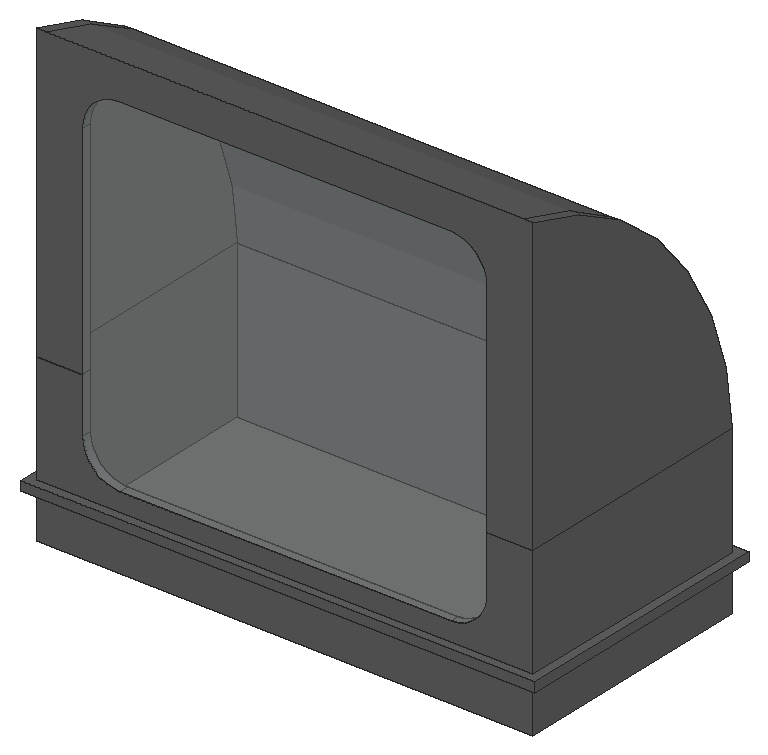
Revit family "Traverse", category Lighting Fixtures, host Face, Revit 2021
Family settings
  Host = Face
  Round Connector Dimension = Use Diameter
  Part Type = Normal
  OmniClass Number = 23.80.70.11
  OmniClass Title = Luminaries for Internal Lighting
  Cut with Voids When Loaded = No
  Light Source = Yes
  Shared = No
  Room Calculation Point = No
Parameters (values of type "TRV-BBT")
  Wattage = 27 W
  built-in parameter 1150110 = 1 (stored number, unit not read)
  Voltage = 120 V
  Wattage Comments = "27W to 136W"  # constant formula
  URL = "https://www.currentlighting.com/beacon"
  built-in parameter 1114217 = 1 (stored number, unit not read)
  Tilt Angle = 90.00°  # constant formula
  built-in parameter 1150109 = 1 (stored number, unit not read)
  built-in parameter 1150134 = 3
  built-in parameter 1150113 = 1 (stored number, unit not read)
  Product Page URL = ""
  Product Documentation Link = ""
  Photometric Web File = "TRV-24NB-55-3K-T2.ies"
  Nominal Watts = 27 W
  Model = "TRAVERSE"  # constant formula
  Manufacturer = "Beacon Lighting"  # constant formula
  built-in parameter 1150105 = 319.16 (stored number, unit not read)
  Lumens = 4010.63 lm
  built-in parameter 1150115 = 1 (stored number, unit not read)
  Load Classification = Lighting
  built-in parameter 1150137 = (empty or 0)
  built-in parameter 1150139 = (empty or 0)
  built-in parameter 1150112 = 1 (stored number, unit not read)
  built-in parameter 1150114 = 1 (stored number, unit not read)
  Lamp = "LED Lamp"
  built-in parameter 1150132 = (empty or 0)
  built-in parameter 1150102 = (empty or 0)
  built-in parameter 1150107 = 3200 (stored number, unit not read)
  built-in parameter 1150138 = (empty or 0)
  built-in parameter 1150106 = 3.1916 (stored number, unit not read)
  Glass = White Glass
  Emit from Rectangle Width = 10"  # constant formula
  Emit from Rectangle Length = 9"  # constant formula
  Emit Shape Visible in Rendering = no
  built-in parameter 1150104 = 13.8 (stored number, unit not read)
  Dimming Lamp Color Temperature Shift = <None>
  Description = "This totally new designed LED WALLPACK has been created to optimize the LED source with its lighting performance and thermal management."  # constant formula
  Default Elevation = 48"
  Color Filter = 16777215
  built-in parameter 1114218 = 1 (stored number, unit not read)
  Backbox = Black Textured
  built-in parameter 1150133 = 10 (stored number, unit not read)
  Apparent Load = 0 VA
Types (13): name | Backbox
  (no name) | Black Textured
  TRV-BBT | Black Textured
  TRV-BMT | Black Matte Textured
  TRV-WHT | White
  TRV-BZT | Bronze Textured
  TRV-MBT | Mettalic Bronze Textured
  TRV-DBT | Dark  Bronze Textured
  TRV-GYS | Grey smooth
  TRV-DPS | Dark Platinum Smooth
  TRV-GNT | none
  TRV-MST | Mettallic Silver Textured
  TRV-MTT | Metallic titanium textured
  TRV-OWI | Old World Iron
Reference planes (in)
  plane 1 "Center (Front/Back)": y = 0.03999
  plane 2: z = 0
  plane 3 "Center (Left/Right)": x = 1.66944
  plane 4: x = -5.33056
  plane 5: x = 8.66944
  plane 6: z = 4.5
  plane 7: y = 3.66499
  plane 8: y = -3.58501
  plane 9: y = 3.41499
  plane 10: y = -3.33501
  plane 11: x = -5.08056
  plane 12: x = 8.41944
  plane 13: x = -4.83056
  plane 14: x = 8.16944
  plane 15: y = -3.08501
  plane 16: y = 3.16499
  plane 17: z = 12.5
  plane 18: z = 0.25
  plane 19: z = 11.5
  plane 20: z = 2
  plane 21: x = 7.16944
  plane 22: x = -3.83056
  plane 23: z = 1.25
  plane 24: z = 1.5
Forms (in)
  Extrusion 1, solid, material "Black Textured" <- "Backbox"
    sketch origin (0, 0, 0) x (1, 0, 0) y (0, 1, 0)
      loop
        line (-5.08056, -3.33501) -> (8.41944, -3.33501) -> (8.41944, 3.41499) -> (-5.08056, 3.41499) -> (-5.08056, -3.33501)
      loop
        line (-4.83056, -3.08501) -> (8.16944, -3.08501) -> (8.16944, 3.16499) -> (-4.83056, 3.16499) -> (-4.83056, -3.08501)
    from 0.25 to 4.5
  Extrusion 2, solid, material "Black Textured" <- "Backbox"
    sketch origin (0, 0, 0) x (1, 0, 0) y (0, 1, 0)
      loop
        line (-5.08056, 3.41499) -> (-5.08056, -3.33501) -> (8.41944, -3.33501) -> (8.41944, 3.41499) -> (-5.08056, 3.41499)
    from 0 to 0.25
  Extrusion 3, solid, material "Black Textured" <- "Backbox"
    sketch origin (1.66944, 0, 0) x (0, 1, 0) y (0, 0, 1)
      loop
        line (-3.33501, 4.5) -> (-3.08501, 4.5) -> (-3.08501, 12.18563)
        arc (-3.08501, 12.18563) -> (1.31782, 9.382) -> (3.16479, 4.5) r 8.27059
        line (3.16479, 4.5) -> (3.41499, 4.5)
        arc (3.41499, 4.5) -> (1.41324, 9.65868) -> (-3.33501, 12.5) r 8.52059
        line (-3.33501, 12.5) -> (-3.33501, 4.5)
    from -6.5 to 6.5
  Extrusion 4, solid, material "Black Textured" <- "Backbox"
    sketch origin (8.16944, 0, 0) x (0, 1, 0) y (0, 0, 1)
      loop
        arc (3.41499, 4.5) -> (1.41324, 9.65868) -> (-3.33501, 12.5) r 8.52059
        line (-3.33501, 12.5) -> (-3.33501, 4.5) -> (3.41499, 4.5)
    from 0 to 0.25
  Extrusion 5, solid, material "Black Textured" <- "Backbox"
    sketch origin (-4.83056, 0, 0) x (0, -1, 0) y (0, 0, 1)
      loop
        arc (3.33501, 12.5) -> (-1.41324, 9.65868) -> (-3.41499, 4.5) r 8.52059
        line (-3.41499, 4.5) -> (3.33501, 4.5) -> (3.33501, 12.5)
    from 0 to 0.25
  Extrusion 6, void
    sketch origin (1.66944, -3.33501, 4.5) x (0, 0, -1) y (-1, 0, 0)
      loop
        arc (-6, 5.5) -> (-6.70711, 5.20711) -> (-7, 4.5) r 1
        line (-7, 4.5) -> (-7, -4.5)
        arc (-7, -4.5) -> (-6.70711, -5.20711) -> (-6, -5.5) r 1
        line (-6, -5.5) -> (1.5, -5.5)
        arc (1.5, -5.5) -> (2.20711, -5.20711) -> (2.5, -4.5) r 1
        line (2.5, -4.5) -> (2.5, 4.5)
        arc (2.5, 4.5) -> (2.20711, 5.20711) -> (1.5, 5.5) r 1
        line (1.5, 5.5) -> (-6, 5.5)
    from 0 to 0.25
  Extrusion 7, solid, material "White Glass" <- "Glass"
    sketch origin (1.66944, -3.33501, 4.5) x (0, 0, 1) y (-1, 0, 0)
      loop
        line (6, 5.5) -> (-1.5, 5.5)
        arc (-1.5, 5.5) -> (-2.20711, 5.20711) -> (-2.5, 4.5) r 1
        line (-2.5, 4.5) -> (-2.5, -4.5)
        arc (-2.5, -4.5) -> (-2.20711, -5.20711) -> (-1.5, -5.5) r 1
        line (-1.5, -5.5) -> (6, -5.5)
        arc (6, -5.5) -> (6.70711, -5.20711) -> (7, -4.5) r 1
        line (7, -4.5) -> (7, 4.5)
        arc (7, 4.5) -> (6.70711, 5.20711) -> (6, 5.5) r 1
    from 0 to -0.25
  Extrusion 8, solid, material "Black Textured" <- "Backbox"
    sketch origin (-10.02594, -180, 1.25) x (-1, 0, 0) y (0, -1, 0)
      loop
        line (-4.69539, -183.66499) -> (-4.69539, -176.41499) -> (-18.69539, -176.41499) -> (-18.69539, -183.66499) -> (-4.69539, -183.66499)
      loop
        line (-4.94539, -183.41499) -> (-4.94539, -176.66499) -> (-18.44539, -176.66499) -> (-18.44539, -183.41499) -> (-4.94539, -183.41499)
    from 0 to 0.25
Cuts and joins
  Extrusion 6 cuts Extrusion 1
  Extrusion 6 cuts Extrusion 2
  joined: Extrusion 1, Extrusion 2, Extrusion 8
  Extrusion 6 cuts Extrusion 3
  joined: Extrusion 3, Extrusion 4, Extrusion 5
Dimensions and locks (in)
  locked: plane 4 to plane 5 at 14
  locked: plane 7 to plane 8 at 7.25
  equal spacing: plane 7, plane 1 "Center (Front/Back)", plane 8
  plane 9 to plane 1 "Center (Front/Back)" to plane 10 = 3 3/8" locked, 3 3/8" locked
  plane 11 to plane 3 "Center (Left/Right)" to plane 12 = 6 3/4" locked, 6 3/4" locked
  locked: plane 15 to plane 10 at 0.25
  locked: plane 9 to plane 16 at 0.25
  locked: plane 11 to plane 13 at 0.25
  locked: plane 14 to plane 12 at 0.25
  plane 17 to plane 6 to host face = 8" locked, 4 1/2" locked
  locked: plane 18 to host face at 0.25
  locked: plane 17 to plane 19 at 1
  locked: plane 20 to plane 18 at 1.75
  locked: plane 13 to plane 22 at 1
  locked: plane 14 to plane 21 at 1
  plane 5 to plane 3 "Center (Left/Right)" to plane 4 = 7" locked, 7" locked
  locked: plane 23 to host face at 1.25
  locked: plane 24 to plane 23 at 0.25
  aligned and locked: plane 2 to host face
  aligned and locked: level to host face
  aligned and locked: plane 11 to Extrusion 1 sketch curve
  aligned and locked: plane 10 to Extrusion 1 sketch curve
  aligned and locked: plane 12 to Extrusion 1 sketch curve
  aligned and locked: plane 9 to Extrusion 1 sketch curve
  aligned and locked: Extrusion 1 to plane 13
  aligned and locked: plane 15 to Extrusion 1
  aligned and locked: plane 14 to Extrusion 1
  aligned and locked: Extrusion 1 to plane 16
  aligned and locked: plane 6 to Extrusion 1
  aligned and locked: Extrusion 2 to level
  aligned and locked: Extrusion 2 to Extrusion 1
  aligned and locked: plane 18 to Extrusion 2
  aligned and locked: Extrusion 3 to plane 14
  aligned and locked: plane 13 to Extrusion 3
  aligned and locked: Extrusion 4 sketch curve to Extrusion 3  (x2)
  aligned and locked: Extrusion 4 to plane 12
  aligned and locked: plane 14 to Extrusion 4
  aligned and locked: Extrusion 5 sketch curve to Extrusion 4  (x3)
  aligned and locked: Extrusion 5 to plane 11
  aligned and locked: Extrusion 5 to plane 13
  aligned and locked: plane 21 to Extrusion 6
  aligned and locked: Extrusion 6 to plane 22
  aligned and locked: Extrusion 6 to plane 20
  aligned and locked: plane 19 to Extrusion 6
  aligned and locked: Extrusion 7 sketch curve to cut or joined group of Extrusion 3, Extrusion 4, Extrusion 5, Extrusion 6  (x2)
  aligned and locked: Extrusion 7 sketch curve to cut or joined group of Extrusion 1, Extrusion 2, Extrusion 6, Extrusion 8  (x2)
  aligned and locked: Extrusion 6 to plane 10
  aligned and locked: Extrusion 1 to Extrusion 6
  aligned and locked: plane 15 to Extrusion 7
  aligned and locked: Extrusion 7 to plane 10
  aligned and locked: Extrusion 8 sketch curve to plane 7
  aligned and locked: plane 4 to Extrusion 8 sketch curve
  aligned and locked: plane 8 to Extrusion 8 sketch curve
  aligned and locked: Extrusion 8 sketch curve to plane 5
  aligned and locked: Extrusion 8 to plane 23
  aligned and locked: Extrusion 8 to plane 24
  aligned and locked: Extrusion 2 to plane 11
  aligned and locked: plane 12 to Extrusion 8
  aligned and locked: plane 11 to Extrusion 8
  aligned and locked: plane 10 to imposter light
  aligned and locked: imposter light to plane 3 "Center (Left/Right)"
Automatic sketch dimensions
  host sketch curve to host sketch curve = 66.62788"
  host sketch curve to host sketch curve = 96"
  Extrusion 1 sketch curve to plane 13 = 0"
  Extrusion 1 sketch curve to plane 14 = 0"
  Extrusion 1 sketch curve to plane 15 = 0"
  Extrusion 1 sketch curve to plane 16 = 0"
  Extrusion 2 sketch curve to plane 10 = 0"
  Extrusion 2 sketch curve to plane 11 = 0"
  plane 9 to Extrusion 2 sketch curve = 0"
  Extrusion 2 sketch curve to plane 12 = 0"
  Extrusion 3 sketch curve to Extrusion 3 sketch curve = 0"  (x2)
  Extrusion 3 sketch curve to plane 6 = 0"  (x2)
  Extrusion 3 sketch curve to plane 10 = 0"
  Extrusion 3 sketch curve to plane 15 = 0"
  Extrusion 3 sketch curve to plane 9 = 0"
  Extrusion 3 sketch curve to plane 17 = 0"
  Extrusion 3 sketch curve to plane 6 = 0.336"
  Extrusion 3 sketch curve to plane 16 = 0.0002"
  Extrusion 3 to Extrusion 4 sketch curve = 0"
  Extrusion 3 to Extrusion 6 sketch curve = 1"
  Extrusion 6 sketch curve to Extrusion 6 sketch curve = 1"  (x3)
  Extrusion 6 sketch curve to Extrusion 3 = 1"
  Extrusion 6 sketch curve to Extrusion 3 = 1 1/2"  (x2)
  Extrusion 6 sketch curve to Extrusion 3 = 2"
  Extrusion 8 sketch curve to plane 10 = 0"
  Extrusion 8 sketch curve to plane 12 = 0"
  plane 9 to Extrusion 8 sketch curve = 0"
  Extrusion 8 sketch curve to plane 11 = 0"
Connectors (in)
  electrical at (1.66944, 3.41499, 3), driven by "Voltage", driven by "Load Classification"
    settings: on cut or joined group of Extrusion 1, Extrusion 2, Extrusion 6, Extrusion 8, index 1, voltage 120 V, apparent load 0 VA, apparent load phase1 0 VA, apparent load phase2 0 VA, apparent load phase3 0 VA, power factor 1, load classification "Lighting", number of poles 1, system type 30, power factor state 1, is connector primary yes, connector utility no, sub classification motor no, connector description "Electrical Connector"
